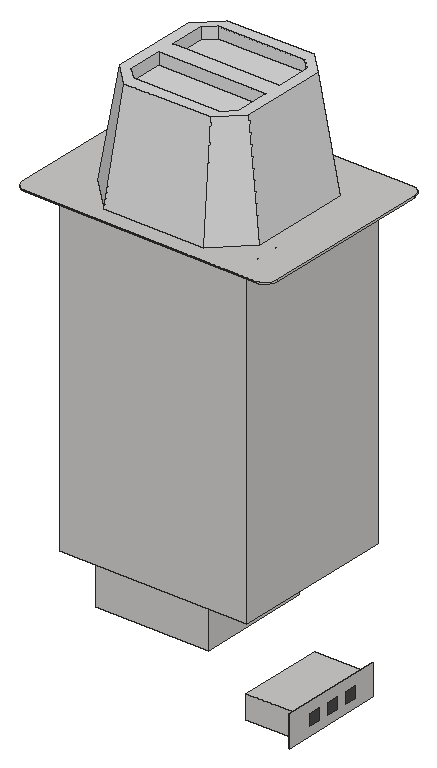
Revit family "QF_ELECTROLUXPROFESSIONAL_341167_D33H", category Attrezzature speciali, Revit 2018
Family settings
  Quota connettore circolare = Usa diametro
  Tipo di parte = Normale
  Basato su piano di lavoro = No
  Sempre verticale = Sì
  Taglio con vuoti quando caricato = No
  Condiviso = No
  Punto di calcolo locali = No
Parameters (values of type "Standard")
  Weight = 0.00 kg
  Watts = 0 W
  Volts = 0 V
  URL Manufacturer = "https://www.electroluxprofessional.com/"
  URL = "https://www.electroluxprofessional.com/"
  Steam Supply Size = 0 mm
  Steam Supply Minimum Pressure = 0.0 Pa
  Steam Supply Maximum Pressure = 0.0 Pa
  Steam Consumption per Hour = 0
  Show Clearance [instance] = yes
  Refrigeration Suction Line Size = 0 mm
  Refrigeration Liquid Line Size = 0 mm
  Refrigerant Compressor Remote = yes
  Produttore = "Electrolux Professional"
  Phase = 0
  Modello = "D33H"
  Length Actual = 0 mm  # constant formula
  Item Number = "341167"
  Hot Water Size = 0 mm
  Height Actual = 0 mm  # constant formula
  HP = "0 HP"
  Gas Size = 0 mm
  Gas KW = 0
  Gas Input Pressure = 0 W
  Direct Waste Size = 0 mm
  Descrizione = "DROP-IN SINGLE CYLINDER PLATE DISPENSER HEATED, PLATE DIAMETER 180-240 MM"
  Depth Actual = 0 mm  # constant formula
  Cycle = 0 Hz
  Controller_Y [instance] = 200 mm
  Controller_1Z [instance] = 150 mm
  Controller_1X [instance] = 400 mm
  Condensate Return Size = 0 mm
  Compressed Air Volume = 0.0 L/s
  Compressed Air Size = 0 mm
  Compressed Air Pressure = 0.0 Pa
  Cold Water Size = 0 mm
  Accessory = yes
Reference planes
  plane 1 "Centro (Fronte/Retro)": y = 74.737
  plane 2: z = 0
  plane 3 "BACK": y = 247.237
  plane 4 "FRONT": y = -97.763
  plane 5 "RIGHT": x = -289.269
  plane 6 "LEFT": x = -739.269
  plane 7: x = -514.269
  plane 8 "TOP": z = 900
  plane 9: y = 219.737
  plane 10: y = -70.263
  plane 11: x = -349.269
  plane 12: x = -679.269
  plane 13: z = 898
  plane 14: z = 230
  plane 15: z = 624.1
  plane 16: z = 150
  plane 17: y = 102.237
  plane 18: x = -339.269
Forms (mm)
  Extrusion 1, solid, material "QF_Finishes_Stainless Steel"
    sketch origin (0, 0, 900) x (-1, 0, 0) y (0, -1, 0)
      loop
        arc (718.769, -247.237) -> (733.264, -241.233) -> (739.269, -226.737) r 20.5
        line (739.269, -226.737) -> (739.269, 77.263)
        arc (739.269, 77.263) -> (733.264, 91.759) -> (718.769, 97.763) r 20.5
        line (718.769, 97.763) -> (309.769, 97.763)
        arc (309.769, 97.763) -> (295.273, 91.759) -> (289.269, 77.263) r 20.5
        line (289.269, 77.263) -> (289.269, -226.737)
        arc (289.269, -226.737) -> (295.273, -241.233) -> (309.769, -247.237) r 20.5
        line (309.769, -247.237) -> (718.769, -247.237)
    from 0 to -2
  Extrusion 2, solid, material "QF_Finishes_Stainless Steel"
    sketch origin (0, 0, 900) x (-1, 0, 0) y (0, -1, 0)
      loop
        line (349.269, -219.737) -> (679.269, -219.737) -> (679.269, 70.263) -> (349.269, 70.263) -> (349.269, -219.737)
    from -2 to -570
  Blend 3, solid, material "QF_Plastic-Gray"
    base sketch origin (0, 281.5, 0) x (1, 0, 0) y (0, 1, 0)
      loop
        line (-603.269, -62.763) -> (-658.269, -117.763) -> (-658.269, -295.763) -> (-603.269, -350.763) -> (-425.269, -350.763) -> (-370.269, -295.763) -> (-370.269, -117.763) -> (-425.269, -62.763) -> (-603.269, -62.763)
    top sketch origin (0, 281.5, 0) x (1, 0, 0) y (0, 1, 0)
      loop
        line (-590.842, -92.763) -> (-628.269, -130.189) -> (-628.269, -283.337) -> (-590.842, -320.763) -> (-437.695, -320.763) -> (-400.269, -283.337) -> (-400.269, -130.189) -> (-437.695, -92.763) -> (-590.842, -92.763)
    from 900 to 1090
  Extrusion 4, void
    sketch origin (0, 281.5, 1090) x (0, 1, 0) y (1, 0, 0)
      loop
        line (-300.763, -437.695) -> (-300.763, -590.842) -> (-283.337, -608.269) -> (-221.763, -608.269) -> (-221.763, -418.982) -> (-282.05, -418.982) -> (-300.763, -437.695)
    from 0 to 20
  Extrusion 5, void
    sketch origin (0, 142.974, 1090) x (0, 1, 0) y (1, 0, 0)
      loop
        line (25.763, -437.695) -> (7.05, -418.982) -> (-53.237, -418.982) -> (-53.237, -608.269) -> (8.337, -608.269) -> (25.763, -590.842) -> (25.763, -437.695)
    from 0 to 20
Cuts and joins
  Extrusion 4, Extrusion 5 cuts Blend 3
Lines and regions (mm)
  symbolic lines
    curve 1: line (-603.269, 218.737, 900) -> (-425.269, 218.737, 900)
    curve 2: line (-425.269, 218.737, 900) -> (-370.269, 163.737, 900)
    curve 3: line (-370.269, 163.737, 900) -> (-370.269, -14.263, 900)
    curve 4: line (-370.269, -14.263, 900) -> (-425.269, -69.263, 900)
    curve 5: line (-425.269, -69.263, 900) -> (-603.269, -69.263, 900)
    curve 6: line (-603.269, -69.263, 900) -> (-658.269, -14.263, 900)
    curve 7: line (-658.269, -14.263, 900) -> (-658.269, 163.737, 900)
    curve 8: line (-658.269, 163.737, 900) -> (-603.269, 218.737, 900)
    curve 9: line (-590.842, 188.737, 900) -> (-628.269, 151.311, 900)
    curve 10: line (-628.269, 151.311, 900) -> (-628.269, -1.837, 900)
    curve 11: line (-628.269, -1.837, 900) -> (-590.842, -39.263, 900)
    curve 12: line (-590.842, -39.263, 900) -> (-437.695, -39.263, 900)
    curve 13: line (-437.695, -39.263, 900) -> (-400.269, -1.837, 900)
    curve 14: line (-400.269, -1.837, 900) -> (-400.269, 151.311, 900)
    curve 15: line (-400.269, 151.311, 900) -> (-437.695, 188.737, 900)
    curve 16: line (-437.695, 188.737, 900) -> (-590.842, 188.737, 900)
    curve 17: line (-590.842, 168.737, 900) -> (-437.695, 168.737, 900)
    curve 18: line (-437.695, 168.737, 900) -> (-418.982, 150.024, 900)
    curve 19: line (-418.982, 150.024, 900) -> (-418.982, 89.737, 900)
    curve 20: line (-418.982, 89.737, 900) -> (-608.269, 89.737, 900)
    curve 21: line (-608.269, 89.737, 900) -> (-608.269, 151.311, 900)
    curve 22: line (-608.269, 151.311, 900) -> (-590.842, 168.737, 900)
    curve 23: line (-608.269, 59.737, 900) -> (-418.982, 59.737, 900)
    curve 24: line (-418.982, 59.737, 900) -> (-418.982, -0.55, 900)
    curve 25: line (-418.982, -0.55, 900) -> (-437.695, -19.263, 900)
    curve 26: line (-437.695, -19.263, 900) -> (-590.842, -19.263, 900)
    curve 27: line (-590.842, -19.263, 900) -> (-608.269, -1.837, 900)
    curve 28: line (-608.269, -1.837, 900) -> (-608.269, 59.737, 900)
    curve 29: arc (-718.769, 247.237, 900) -> (-733.264, 241.233, 900) -> (-739.269, 226.737, 900) r 20.5
    curve 30: line (-739.269, 226.737, 900) -> (-739.269, -77.263, 900)
    curve 31: arc (-739.269, -77.263, 900) -> (-733.264, -91.759, 900) -> (-718.769, -97.763, 900) r 20.5
    curve 32: line (-718.769, -97.763, 900) -> (-309.769, -97.763, 900)
    curve 33: arc (-309.769, -97.763, 900) -> (-295.273, -91.759, 900) -> (-289.269, -77.263, 900) r 20.5
    curve 34: line (-289.269, -77.263, 900) -> (-289.269, 226.737, 900)
    curve 35: arc (-289.269, 226.737, 900) -> (-295.273, 241.233, 900) -> (-309.769, 247.237, 900) r 20.5
    curve 36: line (-309.769, 247.237, 900) -> (-718.769, 247.237, 900)
Dimensions and locks
  plane 6 "LEFT" to plane 5 "RIGHT" = 450 mm
  equal spacing: plane 3 "BACK", plane 1 "Centro (Fronte/Retro)", plane 4 "FRONT"
  plane 3 "BACK" to plane 4 "FRONT" = 345 mm
  equal spacing: plane 6 "LEFT", plane 7, plane 5 "RIGHT"
  locked: plane 8 "TOP" to plane 2 at 900
  plane 6 "LEFT" to plane 12 = 60 mm
  plane 11 to plane 5 "RIGHT" = 60 mm
  locked: plane 3 "BACK" to plane 9 at 27.5
  locked: plane 10 to plane 4 "FRONT" at 27.5
  locked: plane 8 "TOP" to plane 13 at 2
  plane 8 "TOP" to plane 14 = 670 mm
  locked: plane 8 "TOP" to plane 15 at 275.9
  plane 11 to plane 12 = 330 mm  (x2)
  plane 10 to plane 9 = 290 mm
  plane 12 to plane 11 = 330 mm
  "Controller_1Z": plane 16 to plane 2
  "Controller_Y": plane 17 to plane 4 "FRONT"
  "Controller_1X": plane 6 "LEFT" to plane 18
  plane 9 to plane 10 = 290 mm
  aligned and locked: level to plane 2
  aligned and locked: Extrusion 1 sketch curve to plane 3 "BACK"
  aligned and locked: plane 6 "LEFT" to Extrusion 1 sketch curve
  aligned and locked: plane 4 "FRONT" to Extrusion 1 sketch curve
  aligned and locked: Extrusion 1 sketch curve to plane 5 "RIGHT"
  aligned and locked: Extrusion 1 to plane 13
  aligned and locked: plane 9 to Extrusion 2 sketch curve
  aligned and locked: plane 11 to Extrusion 2 sketch curve
  aligned and locked: Extrusion 2 sketch curve to plane 10
  aligned and locked: Extrusion 2 sketch curve to plane 12
  aligned and locked: Extrusion 2 to Extrusion 1
  aligned and locked: plane 16 to nested 2
  aligned and locked: plane 17 to nested 2
  aligned and locked: nested 2 to plane 18
Automatic sketch dimensions
  plane 9 to Extrusion 1 sketch curve = 7 mm  (x2)
  plane 11 to Extrusion 1 sketch curve = 39.5 mm
  Extrusion 1 sketch curve to plane 12 = 39.5 mm
  plane 6 "LEFT" to curve 3 = 369 mm
  curve 3 to curve 13 = 30 mm
  curve 14 to curve 18 = 18.713 mm
  curve 23 to curve 20 = 0 mm
  curve 24 to curve 5 = 6.287 mm
  curve 18 to curve 2 = 6.287 mm
  curve 1 to curve 15 = 12.426 mm
  curve 24 to curve 25 = 18.713 mm  (x2)
  curve 12 to curve 25 = 0 mm
  curve 17 to curve 16 = 0 mm
  curve 11 to plane 3 "BACK" = 286.5 mm
  curve 13 to curve 11 = 153.147 mm
  curve 17 to curve 22 = 153.147 mm
  curve 16 to curve 22 = 0 mm
  curve 27 to plane 3 "BACK" = 266.5 mm
  curve 27 to curve 11 = 0 mm
  curve 6 to plane 3 "BACK" = 316.5 mm
  curve 11 to curve 6 = 12.426 mm
  curve 9 to curve 1 = 12.426 mm
  curve 17 to curve 20 = 17.426 mm
  curve 27 to plane 3 "BACK" = 249.074 mm
  curve 27 to curve 27 = 17.426 mm
  curve 27 to curve 10 = 20 mm
  curve 10 to curve 7 = 30 mm
  curve 28 to curve 28 = 61.574 mm
  curve 20 to curve 23 = 30 mm
  curve 18 to curve 19 = 60.287 mm
  curve 21 to curve 21 = 61.574 mm
  curve 10 to curve 22 = 0 mm
  curve 15 to curve 18 = 1.287 mm
  curve 2 to curve 14 = 12.426 mm
  curve 8 to curve 10 = 12.426 mm
  curve 17 to curve 21 = 17.426 mm
  curve 16 to curve 18 = 20 mm
  curve 1 to curve 15 = 30 mm
  curve 24 to curve 14 = 1.287 mm
  curve 11 to curve 27 = 0 mm
  curve 14 to curve 4 = 12.426 mm
  curve 10 to curve 6 = 12.426 mm
  Blend 3 sketch curve to plane 3 "BACK" = 261.5 mm
  plane 6 "LEFT" to Blend 3 sketch curve = 81 mm
  Blend 3 sketch curve to plane 3 "BACK" = 316.5 mm
  Blend 3 sketch curve to Blend 3 sketch curve = 55 mm  (x5)
  Blend 3 sketch curve to Blend 3 sketch curve = 178 mm  (x4)
  plane 6 "LEFT" to Blend 3 sketch curve = 111 mm
  Blend 3 sketch curve to plane 3 "BACK" = 286.5 mm
  Blend 3 sketch curve to Blend 3 sketch curve = 37.426 mm  (x6)
  Blend 3 sketch curve to Blend 3 sketch curve = 153.147 mm  (x4)
  Extrusion 4 sketch curve to Blend 3 = 20 mm  (x2)
  Extrusion 4 sketch curve to Extrusion 4 sketch curve = 17.426 mm
  Extrusion 4 sketch curve to Extrusion 4 sketch curve = 18.713 mm  (x2)
  Extrusion 4 sketch curve to Blend 3 = 18.713 mm
  Extrusion 4 sketch curve to Extrusion 4 sketch curve = 60.287 mm
  Extrusion 4 sketch curve to Blend 3 = 37.426 mm
  Extrusion 5 sketch curve to Blend 3 = 20 mm  (x2)
  Extrusion 5 sketch curve to Blend 3 = 99 mm
  Extrusion 5 sketch curve to Blend 3 = 18.713 mm
  Extrusion 5 sketch curve to Blend 3 = 38.713 mm
  Extrusion 5 sketch curve to Blend 3 = 37.426 mm
  Extrusion 5 sketch curve to Extrusion 5 sketch curve = 18.713 mm
  Extrusion 5 sketch curve to Extrusion 5 sketch curve = 17.426 mm
  curve 33 to plane 5 "RIGHT" = 0 mm
  curve 36 to plane 3 "BACK" = 0 mm
  curve 33 to plane 4 "FRONT" = 0 mm
  curve 30 to plane 6 "LEFT" = 0 mm
  curve 33 to plane 10 = 7 mm
  plane 9 to curve 35 = 7 mm
  plane 9 to curve 29 = 7 mm
  plane 6 "LEFT" to curve 32 = 20.5 mm
Nested families
  nested 1: "Remote_Electrical_Box" at (-554.269, 77.237, 230) x (-1, 0, 0) z (0, 0, 1), type "Remote_Electrical_Box"
  nested 2: "Controller" at (-339.269, 102.237, 150) x (0, 1, 0) z (0, 0, 1), type "Controller"
Connectors
  electrical at (-437.323, 156.362, 129)
    settings: on nested 2, index 1, voltage 0 V, apparent load 0 VA, apparent load phase1 0 VA, apparent load phase2 0 VA, apparent load phase3 0 VA, power factor 1, load classification "Altro", number of poles 1, system type 30, power factor state 1, is connector primary yes, connector utility no, sub classification motor no, connector description "Electrical Connection"
Definition of nested family "Remote_Electrical_Box"
  Parameters (values of type "Remote_Electrical_Box")
    Default Elevation = 1219.2 mm
  Reference planes
    plane 1 "Center (Front/Back)": y = 0
    plane 2: z = 0
    plane 3 "Center (Left/Right)": x = 0
    plane 4: x = -100
    plane 5: x = 100
    plane 6: y = 100
    plane 7: y = -100
    plane 8: z = 100
    plane 9: z = 50
  Forms (mm)
    Extrusion 1, solid
      sketch origin (0, 0, 0) x (1, 0, 0) y (0, 1, 0)
        loop
          line (-100, 100) -> (-100, -100) -> (100, -100) -> (100, 100) -> (-100, 100)
      from 0 to 100
  Lines and regions (mm)
    symbolic lines
      curve 1: line (-100, 100, 0) -> (100, 100, 0)
      curve 2: line (-100, -100, 0) -> (-100, 100, 0)
      curve 3: line (100, -100, 0) -> (-100, -100, 0)
      curve 4: line (100, 100, 0) -> (100, -100, 0)
  Dimensions and locks
    equal spacing: plane 4, plane 3 "Center (Left/Right)", plane 5
    equal spacing: plane 6, plane 1 "Center (Front/Back)", plane 7
    plane 4 to plane 5 = 200 mm
    plane 6 to plane 7 = 200 mm
    equal spacing: plane 8, plane 9, plane 2
    aligned and locked: level to plane 2
    aligned and locked: Extrusion 1 sketch curve to plane 6
    aligned and locked: plane 4 to Extrusion 1 sketch curve
    aligned and locked: plane 7 to Extrusion 1 sketch curve
    aligned and locked: Extrusion 1 sketch curve to plane 5
    aligned and locked: plane 8 to Extrusion 1
  Automatic sketch dimensions
    curve 3 to plane 4 = 0 mm
    curve 3 to plane 5 = 0 mm
    curve 2 to plane 6 = 0 mm
    curve 2 to plane 7 = 0 mm
Definition of nested family "Controller"
  Reference planes
    plane 1 "Center (Front/Back)": y = 0
    plane 2: z = 0
    plane 3 "Center (Left/Right)": x = 0
  Forms (mm)
    Extrusion 1, solid
      sketch origin (0, 44.769, -48.2) x (1, 0, 0) y (0, 1, 0)
        loop
          line (-76, 43.253) -> (-76, -47.65) -> (76, -47.65) -> (76, 43.253) -> (-76, 43.253)
      from 6.2 to 48.2
    Extrusion 2, solid
      sketch origin (0, 44.769, -48.2) x (1, 0, 0) y (0, 0, 1)
        loop
          line (-92.25, 54.4) -> (-92.25, 0) -> (92.25, 0) -> (92.25, 54.4) -> (-92.25, 54.4)
        loop
          line (-76, 48.2) -> (-76, 6.2) -> (76, 6.2) -> (76, 48.2) -> (-76, 48.2)
      from 44.769 to 47.65
    Extrusion 3, solid
      sketch origin (76, -2.881, -48.2) x (-1, 0, 0) y (0, 0, -1)
        loop
          line (106, -37.2) -> (126, -37.2) -> (126, -17.2) -> (106, -17.2) -> (106, -37.2)
        loop
          line (66, -37.2) -> (86, -37.2) -> (86, -17.2) -> (66, -17.2) -> (66, -37.2)
        loop
          line (26, -37.2) -> (46, -37.2) -> (46, -17.2) -> (26, -17.2) -> (26, -37.2)
      from 0 to 2
    Extrusion 4, void
      sketch origin (0, 0, 0) x (1, 0, 0) y (0, 1, 0)
        loop
          line (76, 88) -> (-76, 88) -> (-76, 0) -> (76, 0) -> (76, 88)
      from 0 to -42
    Extrusion 5, solid
      sketch origin (0, 0, 0) x (1, 0, 0) y (0, 0, 1)
        loop
          circle (54.125, -21) r 10
      from -98.055 to -88.022
  Cuts and joins
    Extrusion 4 cuts Extrusion 2
    joined: Extrusion 1, Extrusion 2
  Lines and regions (mm)
    symbolic lines
      curve 1: line (-76, 88, 0) -> (-76, 0, 0)
      curve 2: line (76, 88, 0) -> (-76, 88, 0)
      curve 3: line (76, 0, 0) -> (76, 88, 0)
      curve 4: line (-92.25, -2.881, 0) -> (92.25, -2.881, 0)
      curve 5: line (-92.25, 0, 0) -> (-92.25, -2.881, 0)
      curve 6: line (92.25, 0, 0) -> (-92.25, 0, 0)
      curve 7: line (92.25, -2.881, 0) -> (92.25, 0, 0)
  Dimensions and locks
    aligned and locked: level to plane 2
    aligned and locked: Extrusion 5 to cut or joined group of Extrusion 1, Extrusion 2, Extrusion 4
